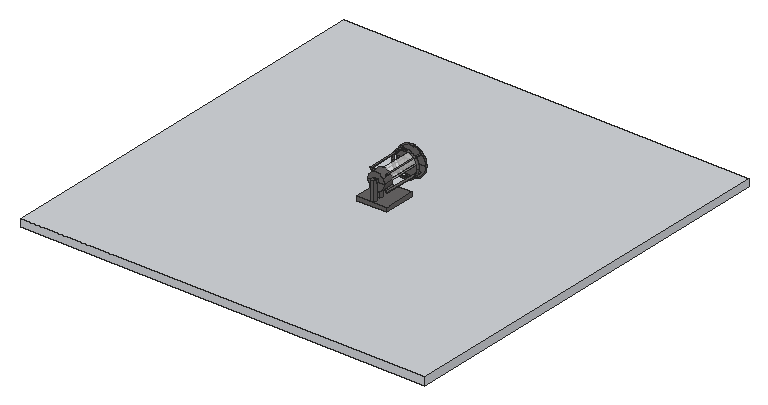
Revit family "P560273-031", category Lighting Fixtures, host Face, Revit 2014
Parameters (values of type "P560273-031")
  Watts = 100 W
  Wattage Comments = "100W"
  Wattage = 100 W
  Warranty = "1 year Warranty"  # constant formula
  built-in parameter 1150110 = 1 (stored number, unit not read)
  Voltage = 120 V
  URL = "https://www.hubbell.com/progresslighting/en"
  built-in parameter 1114217 = 1 (stored number, unit not read)
  Tilt Angle = 60.00°
  built-in parameter 1150109 = 1 (stored number, unit not read)
  built-in parameter 1150134 = 3
  built-in parameter 1150113 = 1 (stored number, unit not read)
  Support = Paint - Hubbell - Stainless Stell
  Steel = Paint - Hubbell - Stainless Stell
  Product Link = "https://www.hubbell.com/progresslighting/en/Products/Lighting-Controls/Residential-Outdoor-Lighting/Wall-Lanterns/Exton-Collection-One-Light-Textured-Black-and-Etched-Seeded-Glass-Modern-Style-Medium-Outdoor-Wall-Lantern/p/6643551"
  Product Documentation Link = "https://hubbellcdn.com/specsheet/PROG_P560273-031_spec.pdf"
  Power Factor = 1
  Photometric Web File = "generic"
  built-in parameter 1150142 = (empty or 0)
  Model = "P560273-031"  # constant formula
  Manufacturer = "Progress Lighting"  # constant formula
  built-in parameter 1150105 = 795.77 (stored number, unit not read)
  Lumens = 10000 lm
  built-in parameter 1150115 = 1 (stored number, unit not read)
  Load Classification = Lighting
  built-in parameter 1150137 = (empty or 0)
  built-in parameter 1150139 = (empty or 0)
  built-in parameter 1150112 = 1 (stored number, unit not read)
  built-in parameter 1150114 = 1 (stored number, unit not read)
  built-in parameter 1150132 = (empty or 0)
  built-in parameter 1150102 = (empty or 0)
  built-in parameter 1150107 = 3200 (stored number, unit not read)
  built-in parameter 1150138 = (empty or 0)
  built-in parameter 1150106 = 7.9577 (stored number, unit not read)
  Gold = Hubbell - Gold
  Glass = Paint - Hubbell - White Texture
  Lamp = "LED/CFL/incandescent"  # constant formula
  Housing Material = Paint - Hubbell - Textured Camera Black
  Fixture distribution = "Direct"  # constant formula
  Features = "Application: Architectural influences blend harmoniously in the Exton Collection 1-Light Textured Black Etched Glass Modern Medium Wall Lantern Light ideal for any covered porch, patio, deck, and foyer.\r\nStyles: Perfect for modern and contemporary style settings.\r\nFinish: The clean lines and geometric forms interact in the textured black frame culminating in an iconic peaked roof.\r\nMaterials: Constructed from steel to ensure a long product lifespan.\r\nGlass/Shades: A light source glows from within an etched glass shade that accentuates the lantern's contemporary aesthetic.\r\nBulbs: For ideal illumination, use 1 medium base bulb that is sold separately (100w max - LED/CFL/incandescent)\r\ncompatible with dimmable bulbs.\r\nDimensions: Measures 9-1/8-inch diameter by 12-inch height.\r\nCertifications: cCSAus wet location listed.\r\nPairs With: Pairs with a variety of Progress Lighting fixtures.\r\nWarranty: Our 1-Year Limited Warranty guarantees your complete satisfaction with your purchase and includes professional after-sales customer service support."  # constant formula
  built-in parameter 1150104 = 9.2903 (stored number, unit not read)
  Dimming Lamp Color Temperature Shift = <None>
  Description = "Exton Collection One-Light Textured Black and Etched Seeded Glass Modern Style Medium Outdoor Wall Lantern"  # constant formula
  Default Elevation = 48.00"
  Copyright = " ©2021 Progress Lighting, a division of Hubbell Lighting, Inc"  # constant formula
  Contact = "https://www.hubbell.com/progresslighting/en/contactUs"
  Connector Description = "Lighting Connector"  # constant formula
  Color Filter = 16777215
  built-in parameter 1114218 = 1 (stored number, unit not read)
  built-in parameter 1150133 = 10 (stored number, unit not read)
  Assembly Code = "D5020200"
  Apparent Load = Watts / Power Factor  # 100 VA
Reference planes (in)
  plane 1 "Center (Front/Back)": y = 0
  plane 2: z = 0.5561
  plane 3 "Center (Left/Right)": x = 0
  plane 4: y = -3.75
  plane 5: y = 3.75
  plane 6: x = 3.5
  plane 7: x = -3.5
  plane 8: z = 10.50759
  plane 9: z = 6.0561
Forms (in)
  Extrusion 1, solid
    sketch origin (0, 0, 0) x (1, 0, 0) y (0, 1, 0)
      loop
        line (-48, 48) -> (-48, -48) -> (48, -48) -> (48, 48) -> (-48, 48)
    from 0.5561 to -1.25
  Extrusion 2, solid, material "Paint - Hubbell - Textured Camera Black" <- "Housing Material"
    sketch origin (0, 0, 0) x (1, 0, 0) y (0, 1, 0)
      loop
        line (-3.5, 3.75) -> (-3.5, -3.75) -> (3.5, -3.75) -> (3.5, 3.75) -> (-3.5, 3.75)
    from 1.54473 to 0.5561
  Revolve 3, solid, material "Paint - Hubbell - Textured Camera Black" <- "Housing Material"
    sketch origin (0, 0.875, 5.25) x (1, 0, 0) y (0, 1, 0)
      loop
        line (0, -3.25) -> (2, -3.25) -> (2, -1.04526) -> (0, -1.04526) -> (0, -3.25)
      axis (0, -1.04526) -> (0, -3.25)
    angle from 0 to 360
  Revolve 4, solid, material "Paint - Hubbell - White Texture" <- "Glass"
    sketch origin (0, 0.875, 5.25) x (1, 0, 0) y (0, 1, 0)
      loop
        line (0, -1.04526) -> (1.5, -1.04526) -> (1.5, 7.05994) -> (0, 7.05994) -> (0, -1.04526)
      axis (0, -1.04526) -> (0, 7.05994)
    angle from 0 to 360
  Extrusion 5, solid, material "Paint - Hubbell - Textured Camera Black" <- "Housing Material"
    sketch origin (0, 0, 1.25) x (1, 0, 0) y (0, 1, 0)
      loop
        line (-0.36188, -2.81828) -> (-0.36188, -3.45552) -> (0.38812, -3.45552) -> (0.38812, -2.81828) -> (-0.36188, -2.81828)
    from 0.29473 to 4.75
  Sweep 6, solid, material "Paint - Hubbell - Textured Camera Black" <- "Housing Material"
    path origin (2.81872, 0, 2.41785) x (0.707107, 0, 0.707107) y (0, 1, 0)
      loop
        line (1.99909, -1.4855) -> (2.74909, -1.4855) -> (2.74909, 7.93494)
    profile origin (4.49745, -1.4855, 4.09659) x (0, 1, 0) y (-0.707107, 0, 0.707107)
      loop
        line (0.17986, 3.70278) -> (0.17986, 4.0625) -> (-0.17986, 4.0625) -> (-0.17986, 3.70278) -> (0.17986, 3.70278)
  Revolve 7, solid, material "Paint - Hubbell - Textured Camera Black" <- "Housing Material"
    sketch origin (0.0625, -2.0625, 5.125) x (1, 0, 0) y (0, 1, 0)
      loop
        line (0, 10.01724) -> (3.40573, 10.01724)
        arc (3.40573, 10.01724) -> (3.50372, 10.09731) -> (3.4448, 10.20929) r 0.1
        line (3.4448, 10.20929) -> (0, 11.67152) -> (0, 10.01724)
      axis (0, 11.67152) -> (0, 10.01724)
    angle from 0 to 360
  Sweep 8, solid, material "Paint - Hubbell - Textured Camera Black" <- "Housing Material"
    path origin (2.81872, 0, 2.48035) x (-0.707107, 0, -0.707107) y (0, -1, 0)
      loop
        line (1.99909, 1.4855) -> (2.74909, 1.4855) -> (2.74909, -7.93494)
    profile origin (1.13998, -1.4855, 0.80161) x (0, -1, 0) y (-0.707107, 0, 0.707107)
      loop
        line (-0.17986, 3.70278) -> (0.17986, 3.70278) -> (0.17986, 4.0625) -> (-0.17986, 4.0625) -> (-0.17986, 3.70278)
  Sweep 9, solid, material "Paint - Hubbell - Textured Camera Black" <- "Housing Material"
    path origin (-2.72394, 0, 2.56338) x (0.707107, 0, -0.707107) y (0, 1, 0)
      loop
        line (1.99909, -1.4855) -> (2.74909, -1.4855) -> (2.74909, 7.93494)
    profile origin (-1.0452, -1.4855, 0.88464) x (0, 1, 0) y (0.707107, 0, 0.707107)
      loop
        line (0.17986, 3.70278) -> (0.17986, 4.0625) -> (-0.17986, 4.0625) -> (-0.17986, 3.70278) -> (0.17986, 3.70278)
  Sweep 10, solid, material "Paint - Hubbell - Textured Camera Black" <- "Housing Material"
    path origin (-2.69805, 0, 2.50624) x (-0.707107, 0, 0.707107) y (0, -1, 0)
      loop
        line (1.99909, 1.4855) -> (2.74909, 1.4855) -> (2.74909, -7.93494)
    profile origin (-4.37679, -1.4855, 4.18498) x (0, -1, 0) y (0.707107, 0, 0.707107)
      loop
        line (-0.17986, 3.70278) -> (0.17986, 3.70278) -> (0.17986, 4.0625) -> (-0.17986, 4.0625) -> (-0.17986, 3.70278)
  Sweep 11, solid, material "Paint - Hubbell - Textured Camera Black" <- "Housing Material"
    path origin (0, 0, 0) x (1, 0, 0) y (0, 0, 1)
      loop
        circle (0, 5.20753) r 2.95
    profile origin (0, 0, 8.15753) x (0, 0, -1) y (0, -1, 0)
      loop
        circle (-0.01562, -6.25015) r 0.17813
  Extrusion 12, solid, material "Paint - Hubbell - Textured Camera Black" <- "Housing Material"
    sketch origin (0, 0, 0) x (0, 1, 0) y (0, 0, 1)
      loop
        line (-2.81828, 6) -> (-2.81828, 5.29778) -> (-2.375, 5.29778) -> (-2.375, 6) -> (-2.81828, 6)
    from -0.36188 to 0.38812
  Extrusion 13, solid, material "Paint - Hubbell - Textured Camera Black" <- "Housing Material"
    sketch origin (0, 1.75, 1.25) x (1, 0, 0) y (0, 1, 0)
      loop
        line (-0.36188, -2.81828) -> (-0.36188, -3.45552) -> (0.38812, -3.45552) -> (0.38812, -2.81828) -> (-0.36188, -2.81828)
    from 0.29473 to 2.13354
Dimensions and locks (in)
  equal spacing: plane 4, plane 1 "Center (Front/Back)", plane 5
  plane 4 to plane 5 = 7.50"
  plane 6 to plane 7 = 7.00"
  equal spacing: plane 6, plane 3 "Center (Left/Right)", plane 7
  plane 7 to plane 6 = 7.00"
  equal spacing: plane 7, plane 3 "Center (Left/Right)", plane 6
  aligned and locked: plane 2 to Extrusion 1
Automatic sketch dimensions
  Extrusion 1 sketch curve to Extrusion 1 sketch curve = 96.00"  (x2)
  plane 4 to Extrusion 2 sketch curve = 0.00"
  Extrusion 2 sketch curve to plane 7 = 0.00"
  Extrusion 2 sketch curve to plane 6 = 0.00"
  plane 5 to Extrusion 2 sketch curve = 0.00"
  Revolve 3 sketch curve to plane 3 "Center (Left/Right)" = 0.00"  (x2)
  Revolve 3 sketch curve to plane 6 = 1.50"
  Revolve 3 sketch curve to plane 4 = 1.375"
  plane 1 "Center (Front/Back)" to Revolve 3 sketch curve = 0.17026"
  plane 4 to Revolve 3 sketch curve = 55.375"
  Revolve 3 sketch curve to plane 5 = 57.125"
  Revolve 4 sketch curve to plane 3 "Center (Left/Right)" = 0.00"  (x2)
  plane 1 "Center (Front/Back)" to Revolve 4 sketch curve = 0.17026"
  plane 3 "Center (Left/Right)" to Revolve 4 sketch curve = 1.50"
  Revolve 4 sketch curve to plane 5 = 4.18494"
  Revolve 4 sketch curve to Revolve 4 sketch curve = 0.00"
  Revolve 4 sketch curve to Revolve 4 sketch curve = 0.3552"
  Extrusion 5 sketch curve to plane 3 "Center (Left/Right)" = 0.36188"
  plane 3 "Center (Left/Right)" to Extrusion 5 sketch curve = 0.38812"
  Extrusion 5 sketch curve to plane 4 = 0.29448"
  Extrusion 5 sketch curve to Extrusion 5 sketch curve = 0.63725"
  plane 3 "Center (Left/Right)" to Revolve 7 sketch curve = 0.0625"  (x2)
  Revolve 7 sketch curve to plane 6 = 0.03177"
  plane 6 to Revolve 7 sketch curve = 0.0073"
  Revolve 7 sketch curve to plane 5 = 4.20474"
  Revolve 7 sketch curve to Revolve 7 sketch curve = 0.10"
  Revolve 7 sketch curve to Revolve 7 sketch curve = 1.65428"
  plane 4 to Revolve 7 sketch curve = 58.3125"
  Revolve 7 sketch curve to Revolve 7 sketch curve = 48.32848"
  Sweep 11 sketch curve to plane 3 "Center (Left/Right)" = 0.00"
  plane 9 to Sweep 11 sketch curve = 0.84857"
  Sweep 11 sketch curve to Sweep 11 sketch curve = 0.00"  (x2)
  Sweep 11 sketch curve to plane 1 "Center (Front/Back)" = 6.25015"
  profile plane to Sweep 11 sketch curve = 0.01562"
  Sweep 11 sketch curve to Sweep 11 sketch curve = 0.17813"
  Extrusion 12 sketch curve to plane 4 = 0.93172"
  Extrusion 12 sketch curve to Extrusion 12 sketch curve = 0.44328"
  plane 9 to Extrusion 12 sketch curve = 0.75832"
  plane 9 to Extrusion 12 sketch curve = 0.0561"
  Extrusion 13 sketch curve to plane 3 "Center (Left/Right)" = 0.36188"
  plane 3 "Center (Left/Right)" to Extrusion 13 sketch curve = 0.38812"
  plane 1 "Center (Front/Back)" to Extrusion 13 sketch curve = 1.70552"
  Extrusion 13 sketch curve to Extrusion 13 sketch curve = 0.63725"
  profile plane to Sweep 6 sketch curve = 0.17986"
  Sweep 6 sketch curve to profile plane = 0.17986"
  profile plane to Sweep 6 sketch curve = 3.70278"
  Sweep 6 sketch curve to Sweep 6 sketch curve = 0.35972"
  profile plane to Sweep 8 sketch curve = 0.17986"
  Sweep 8 sketch curve to profile plane = 0.17986"
  profile plane to Sweep 8 sketch curve = 3.70278"
  Sweep 8 sketch curve to Sweep 8 sketch curve = 0.35972"
  plane 1 "Center (Front/Back)" to Sweep 9 sketch curve = 1.4855"
  Sweep 9 sketch curve to Sweep 9 sketch curve = 0.75"
  Sweep 9 sketch curve to plane 5 = 4.18494"
  profile plane to Sweep 9 sketch curve = 0.17986"
  Sweep 9 sketch curve to profile plane = 0.17986"
  profile plane to Sweep 9 sketch curve = 3.70278"
  Sweep 9 sketch curve to Sweep 9 sketch curve = 0.35972"
  profile plane to Sweep 10 sketch curve = 0.17986"
  Sweep 10 sketch curve to profile plane = 0.17986"
  profile plane to Sweep 10 sketch curve = 3.70278"
  Sweep 10 sketch curve to Sweep 10 sketch curve = 0.35972"
  plane 1 "Center (Front/Back)" to Sweep 10 sketch curve = 1.4855"
  Sweep 10 sketch curve to Sweep 10 sketch curve = 0.75"
  plane 1 "Center (Front/Back)" to Sweep 6 sketch curve = 1.4855"
  Sweep 6 sketch curve to Sweep 6 sketch curve = 0.75"
  Sweep 6 sketch curve to plane 5 = 4.18494"
  plane 1 "Center (Front/Back)" to Sweep 8 sketch curve = 1.4855"
  Sweep 8 sketch curve to Sweep 8 sketch curve = 0.75"
  Sweep 8 sketch curve to plane 5 = 4.18494"
  Sweep 10 sketch curve to plane 5 = 4.18494"
  radius of Sweep 11 sketch curve = 2.95"
Connectors (in)
  electrical at (0, 0, 0.5561), driven by "Connector Description", driven by "Power Factor", driven by "Apparent Load", driven by "Voltage", driven by "Load Classification"
    settings: on Extrusion 2, index 1, voltage 120 V, apparent load 100 VA, apparent load phase1 0 VA, apparent load phase2 0 VA, apparent load phase3 0 VA, power factor 1, load classification "Lighting", number of poles 1, system type 30, power factor state 1, is connector primary yes, connector utility no, sub classification motor no, connector description "Lighting Connector"
